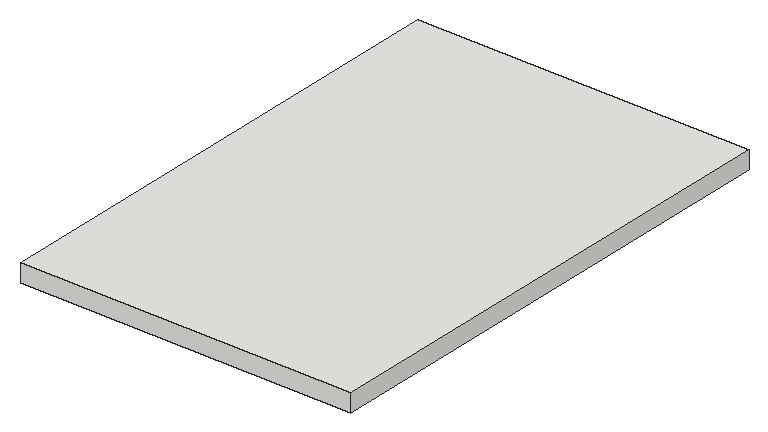
Revit family "SURVIVOR069xxWS8xxKx", category Leuchten, Revit 2017
Family settings
  Basisbauteil = Fläche
  Bemaßung runder Anschluss = Durchmesser verwenden
  Teiletyp = Normal
  OmniClass-Nummer = 23.80.70.11
  OmniClass-Titel = Luminaries for Internal Lighting
  Beim Laden mit Abzugskörper schneiden = Nein
  Lichtquelle = Ja
  Gemeinsam genutzt = Nein
  Raumberechnungspunkt = Nein
Parameters (values of type "SURVIVOR069DAWS830K0250")
  width = 240 mm  # constant formula
  weight = "6.2"
  voltage type (AC, DC, UC) = "AC"
  rated input power = 19
  product name = "SURVIVOR069DAWS830K0250"
  nominal voltage = "230"
  nominal frequency = "50-60Hz"
  length = 690 mm  # constant formula
  ingress protection (IP) code = "IP65"
  height = 73 mm  # constant formula
  electrical safety class = "1"
  control gear = ""
  conformity mark = "CE"  # constant formula
  brand = "RIDI"
  approval mark = ""
  built-in parameter 1150104 = 13.8 (stored number, unit not read)
  Wattage = 18.7153 W
  Von Breite des Rechtecks ausssenden = 618 mm
  Von Länge des Rechtecks aussenden = 181 mm  # constant formula
  Default Elevation = 0 mm
  built-in parameter 1150113 = 1 (stored number, unit not read)
  built-in parameter 1114218 = 1 (stored number, unit not read)
  URL = "www.ridi.de"
  built-in parameter 1150134 = (empty or 0)
  built-in parameter 1150109 = 1 (stored number, unit not read)
  built-in parameter 1150110 = 1 (stored number, unit not read)
  Apparent Load = 19 VA
  Tilt Angle = 90.00°
  Modell = "0632202"
  built-in parameter 1114217 = 1 (stored number, unit not read)
  built-in parameter 1150139 = (empty or 0)
  built-in parameter 1150105 = 221.23 (stored number, unit not read)
  built-in parameter 1150114 = 1 (stored number, unit not read)
  Lumens = 2780 lm
  built-in parameter 1150115 = 1 (stored number, unit not read)
  built-in parameter 1150112 = 1 (stored number, unit not read)
  Lampe = "LED"
  Hersteller = "RIDI Leuchten GmbH"  # constant formula
  Dimming Lamp Color Temperature Shift = (empty or 0)
  Color Filter = 16777215
  built-in parameter 1150133 = 10 (stored number, unit not read)
  Emit Shape Visible in Rendering = no
  built-in parameter 1150137 = (empty or 0)
  built-in parameter 1150132 = 2
  Datei für fotometrisches Netz = "SURVIVOR160DAWS840K0700.IES"
  Copyright = "© RIDI. All rights reserved."  # constant formula
  built-in parameter 1150106 = 2.2123 (stored number, unit not read)
  Baugruppenkennzeichen = "D5020200"
  built-in parameter 1150107 = 3000 (stored number, unit not read)
  built-in parameter 1150102 = (empty or 0)
  built-in parameter 1150138 = (empty or 0)
Types (5, lengths in mm): name | product name | Wattage | built-in parameter 1150134 | Modell | built-in parameter 1150105 | Lumens | built-in parameter 1150106 | built-in parameter 1150107
  (no name) | "SURVIVOR069DAWS830K0250" | 18.7153 W | (empty or 0) | "0632202" | 221.23 (stored number, unit not read) | 2780 lm | 2.2123 (stored number, unit not read) | 3000 (stored number, unit not read)
  SURVIVOR069DAWS830K0250 | "SURVIVOR069DAWS830K0250" | 18.7153 W | (empty or 0) | "0632202" | 221.23 (stored number, unit not read) | 2780 lm | 2.2123 (stored number, unit not read) | 3000 (stored number, unit not read)
  SURVIVOR069DAWS840K0300 | "SURVIVOR069DAWS840K0300" | 19.7251 W | 12 | "0632206" | 233.16 (stored number, unit not read) | 2930 lm | 2.3316 (stored number, unit not read) | 4000 (stored number, unit not read)
  SURVIVOR069NDWS830K0250-RF | "SURVIVOR069NDWS830K0250-RF" | 18.7153 W | (empty or 0) | "0622202//420" | 221.23 (stored number, unit not read) | 2780 lm | 2.2123 (stored number, unit not read) | 3000 (stored number, unit not read)
  SURVIVOR069NDWS840K0300-RF | "SURVIVOR069NDWS840K0300-RF" | 19.7251 W | 12 | "0622206//420" | 233.16 (stored number, unit not read) | 2930 lm | 2.3316 (stored number, unit not read) | 4000 (stored number, unit not read)
Reference planes
  plane 1 "Mitte (Vorne/hinten)": y = 0
  plane 2: z = 0
  plane 3 "Mitte (Links/rechts)": x = 0
  plane 4: z = 1200
Forms (mm)
  Extrusion 1, solid
    sketch origin (219.2, 280.8, 0) x (1, 0, 0) y (0, 1, 0)
      loop
        line (-1219.2, 1219.2) -> (-1219.2, -1780.8) -> (780.8, -1780.8) -> (780.8, 1219.2) -> (-1219.2, 1219.2)
    from 0 to -107.307
Dimensions and locks
  plane 4 to Extrusion 1 = 1200 mm
  aligned and locked: plane 2 to Extrusion 1
  aligned and locked: level to Extrusion 1
Connectors
  electrical at (53.526, -319.1, 2.275), driven by "Apparent Load"
    settings: on import instance, index 1, voltage 230 V, apparent load 0 VA, apparent load phase1 19 VA, apparent load phase2 0 VA, apparent load phase3 0 VA, power factor 1, load classification "Lighting", number of poles 1, system type 31, power factor state 1, is connector primary yes, connector utility no, sub classification motor no, connector description ""
